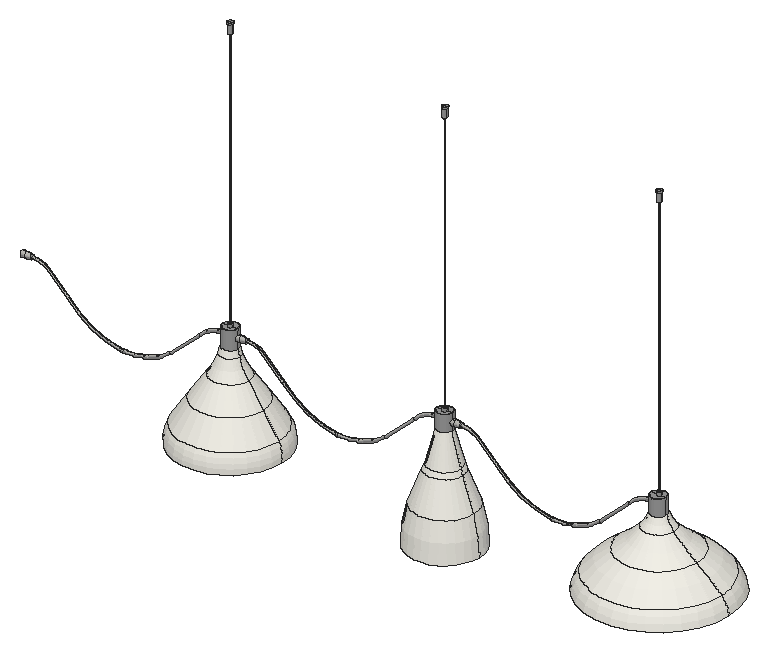
Revit family "Haworth_Swell_StringsThreeLights", category Lighting Fixtures, Revit 2018
Family settings
  Round Connector Dimension = Use Diameter
  Part Type = Normal
  OmniClass Number = 23.80.70.11.14
  OmniClass Title = General Luminaries, Directional
  Work Plane-Based = No
  Always vertical = Yes
  Cut with Voids When Loaded = No
  Light Source = Yes
  Shared = No
  Room Calculation Point = No
Parameters (values of type "LSP4-3610")
  Wattage = 11 W
  built-in parameter 1150110 = 1 (stored number, unit not read)
  built-in parameter 1114217 = 1 (stored number, unit not read)
  Top Finish = Haworth _ Metal _ Stainless Steel
  Tilt Angle = 60.00°
  built-in parameter 1150109 = 1 (stored number, unit not read)
  built-in parameter 1150134 = (empty or 0)
  built-in parameter 1150113 = 1 (stored number, unit not read)
  Size = "Verify Final Dim. w/Haworth"  # constant formula
  Photometric Web File = "generic"
  built-in parameter 1150142 = (empty or 0)
  built-in parameter 1150105 = 63.901 (stored number, unit not read)
  Lumens = 803 lm
  built-in parameter 1150115 = 1 (stored number, unit not read)
  built-in parameter 1150137 = (empty or 0)
  built-in parameter 1150139 = (empty or 0)
  built-in parameter 1150112 = 1 (stored number, unit not read)
  built-in parameter 1150114 = 1 (stored number, unit not read)
  built-in parameter 1150132 = (empty or 0)
  built-in parameter 1150102 = (empty or 0)
  built-in parameter 1150107 = 3000 (stored number, unit not read)
  built-in parameter 1150138 = (empty or 0)
  built-in parameter 1150106 = 0.63901 (stored number, unit not read)
  Emit from Circle Diameter = 24"
  Emit Shape Visible in Rendering = no
  built-in parameter 1150104 = 6.7819 (stored number, unit not read)
  Dimming Lamp Color Temperature Shift = <None>
  Cords Finish = Haworth _ Paint _ Metallic Silver
  Wattage Comments = ""
  Warranty = "https://www.haworth.com/resources/product-info/warranties"
  URL - Product = "https://www.haworth.com/products/lighting/pendant/swell"
  URL = "http://www.haworth.com/our-brands/haworth-collection"
  Revision Number = "1"  # constant formula
  Model = "LSP4-3610"
  Manufacturer = "Haworth"  # constant formula
  Lamp Finish [instance] = Haworth _ Paint _ Collection White
  Glass Finish = Haworth _ Glass _ Clear
  Description = "Haworth Swell String with Three Lights"
  Color Filter = 16777215
  built-in parameter 1114218 = 1 (stored number, unit not read)
  Author = "Haworth (Abd Rahman)"  # constant formula
  built-in parameter 1150133 = 10 (stored number, unit not read)
  Assembly Code = "D5020200"
  Actual Height = 120"  # constant formula
Reference planes (in)
  plane 1 "Center F/B": y = 8.82887
  plane 2 "Base": z = 0
  plane 3 "Cord Top": z = 120
  plane 4: x = -46.94755
  plane 5 "Cord": z = 119.9243
  plane 6: x = 34.01477
  plane 7: y = 16.84375
  plane 8: y = 1.0085
  plane 9: x = -6.46639
Forms (in)
  Revolve 1, solid, material "Haworth _ Metal _ Stainless Steel" <- "Top Finish"
    sketch origin (9.6828, 8.90164, 0.58881) x (-1, 0, 0) y (0, 0, 1)
      loop
        line (-16.34729, 119.41119) -> (-16.34729, 88.19585) -> (-16.11107, 88.19585) -> (-16.11107, 88.4616) -> (-16.30793, 88.4616) -> (-16.30793, 118.15135) -> (-16.26855, 118.15135) -> (-16.26855, 118.30883) -> (-16.11107, 118.30883) -> (-16.11107, 119.33264) -> (-16.03233, 119.33264) -> (-16.03233, 119.41119) -> (-16.34729, 119.41119)
      axis (-16.34729, 119.41119) -> (-16.34729, 88.19585)
    angle from 0 to 360
  Revolve 2, solid, material "Haworth _ Metal _ Stainless Steel" <- "Top Finish"
    sketch origin (-39.47735, 8.90164, 25.33874) x (-1, 0, 0) y (0, 0, 1)
      loop
        line (-16.34139, 63.4442) -> (-16.34139, 63.35018) -> (-15.54454, 63.35018) -> (-15.54454, 63.4442) -> (-16.34139, 63.4442)
      axis (-16.34139, 63.4442) -> (-16.34139, 63.35018)
    angle from 0 to 360
  Revolve 3, solid, material "Haworth _ Metal _ Stainless Steel" <- "Top Finish"
    sketch origin (-39.47735, 8.90164, 25.33874) x (-1, 0, 0) y (0, 0, 1)
      loop
        line (-15.46713, 63.4442) -> (-16.34139, 63.4442) -> (-16.34139, 61.42871) -> (-15.46713, 61.42871) -> (-15.46713, 63.4442)
      axis (-16.34139, 63.4442) -> (-16.34139, 61.42871)
    angle from 0 to 360
  Revolve 4, solid, material "Haworth _ Metal _ Stainless Steel" <- "Top Finish"
    sketch origin (9.68741, 8.77664, 25.60436) x (-1, 0, 0) y (0, 0, 1)
      loop
        line (-16.34139, 63.17182) -> (-16.34139, 63.07636) -> (-15.54454, 63.07636) -> (-15.54454, 63.17182) -> (-16.34139, 63.17182)
      axis (-16.34139, 63.17182) -> (-16.34139, 63.07636)
    angle from 0 to 360
  Revolve 5, solid, material "Haworth _ Metal _ Stainless Steel" <- "Top Finish"
    sketch origin (9.68741, 8.77664, 25.60436) x (-1, 0, 0) y (0, 0, 1)
      loop
        line (-15.46713, 63.17182) -> (-16.34139, 63.17182) -> (-16.34139, 61.41027) -> (-15.46713, 61.41027) -> (-15.46713, 63.17182)
      axis (-16.34139, 63.17182) -> (-16.34139, 61.41027)
    angle from 0 to 360
  Revolve 6, solid, material "Haworth _ Metal _ Stainless Steel" <- "Top Finish"
    sketch origin (-14.90221, 8.89172, 25.61219) x (-1, 0, 0) y (0, 0, 1)
      loop
        line (-16.34139, 63.17182) -> (-16.34139, 63.07636) -> (-15.54454, 63.07636) -> (-15.54454, 63.17182) -> (-16.34139, 63.17182)
      axis (-16.34139, 63.17182) -> (-16.34139, 63.07636)
    angle from 0 to 360
  Revolve 7, solid, material "Haworth _ Metal _ Stainless Steel" <- "Top Finish"
    sketch origin (-14.90221, 8.89172, 25.61219) x (-1, 0, 0) y (0, 0, 1)
      loop
        line (-15.46713, 63.17182) -> (-16.34139, 63.17182) -> (-16.34139, 61.41027) -> (-15.46713, 61.41027) -> (-15.46713, 63.17182)
      axis (-16.34139, 63.17182) -> (-16.34139, 61.41027)
    angle from 0 to 360
  Revolve 8, solid, material "Haworth _ Metal _ Stainless Steel" <- "Top Finish"
    sketch origin (-14.90047, 8.90164, 0.58881) x (-1, 0, 0) y (0, 0, 1)
      loop
        line (-16.34729, 119.41119) -> (-16.34729, 88.19585) -> (-16.11107, 88.19585) -> (-16.11107, 88.4616) -> (-16.30793, 88.4616) -> (-16.30793, 118.15135) -> (-16.26855, 118.15135) -> (-16.26855, 118.30883) -> (-16.11107, 118.30883) -> (-16.11107, 119.33264) -> (-16.03233, 119.33264) -> (-16.03233, 119.41119) -> (-16.34729, 119.41119)
      axis (-16.34729, 119.41119) -> (-16.34729, 88.19585)
    angle from 0 to 360
  Revolve 9, solid, material "Haworth _ Metal _ Stainless Steel" <- "Top Finish"
    sketch origin (-39.48374, 8.90164, 0.58881) x (-1, 0, 0) y (0, 0, 1)
      loop
        line (-16.34729, 119.41119) -> (-16.34729, 88.19585) -> (-16.11107, 88.19585) -> (-16.11107, 88.4616) -> (-16.30793, 88.4616) -> (-16.30793, 118.15135) -> (-16.26855, 118.15135) -> (-16.26855, 118.30883) -> (-16.11107, 118.30883) -> (-16.11107, 119.33264) -> (-16.03233, 119.33264) -> (-16.03233, 119.41119) -> (-16.34729, 119.41119)
      axis (-16.34729, 119.41119) -> (-16.34729, 88.19585)
    angle from 0 to 360
  Revolve 10, solid, material "Haworth _ Paint _ Metallic Silver" <- "Cords Finish"
    sketch origin (-14.8949, 8.90164, 0) x (-1, 0, 0) y (0, 0, 1)
      loop
        line (-18.25285, 87.91903) -> (-18.25285, 87.69241) -> (-17.66233, 87.6054) -> (-17.20835, 87.6054) -> (-17.20835, 87.91903) -> (-18.25285, 87.91903)
      axis (-18.25285, 87.91903) -> (-17.20835, 87.91903)
    angle from 0 to 360
  Revolve 11, solid, material "Haworth _ Paint _ Metallic Silver" <- "Cords Finish"
    sketch origin (-39.4771, 8.90164, 0) x (-1, 0, 0) y (0, 0, 1)
      loop
        line (-18.25285, 87.91903) -> (-18.25285, 87.69241) -> (-17.66233, 87.6054) -> (-17.21408, 87.6054) -> (-17.21408, 87.91903) -> (-18.25285, 87.91903)
      axis (-18.25285, 87.91903) -> (-17.21408, 87.91903)
    angle from 0 to 360
  Sweep 12, solid, material "Haworth _ Paint _ Metallic Silver" <- "Cords Finish"
    path origin (-64.05846, 8.90164, 0) x (-1, 0, 0) y (0, 0, 1)
      loop
        arc (-40.05552, 87.924) -> (-38.67626, 87.56409) -> (-37.5262, 86.72194) r 3.80541
        arc (-37.5262, 86.72194) -> (-35.90997, 85.12457) -> (-34.16856, 83.66469) r 27.76935
        arc (-34.16856, 83.66469) -> (-31.60978, 82.31942) -> (-28.74663, 81.92005) r 8.41041
        arc (-28.74663, 81.92005) -> (-28.63519, 81.92697) -> (-28.52432, 81.9401) r 2
        arc (-28.52432, 81.9401) -> (-25.20171, 83.01788) -> (-22.41974, 85.13021) r 10.45271
        arc (-22.41974, 85.13021) -> (-21.2475, 86.29366) -> (-19.99535, 87.37063) r 23.16497
        arc (-19.99535, 87.37063) -> (-19.84423, 87.48034) -> (-19.68353, 87.57548) r 2
        arc (-19.68353, 87.57548) -> (-18.98997, 87.83794) -> (-18.25285, 87.91903) r 2.94838
    profile origin (-25.3822, 8.90164, 87.56409) x (-0.42924, 0, 0.90319) y (0, 1, 0)
      loop
        circle (0, 0) r 0.125
  Revolve 13, solid, material "Haworth _ Paint _ Metallic Silver" <- "Cords Finish"
    sketch origin (-64.05846, 8.90164, 0) x (-1, 0, 0) y (0, 0, 1)
      loop
        line (-18.25285, 87.91903) -> (-18.25285, 87.69241) -> (-17.66233, 87.6054) -> (-17.11112, 87.6054) -> (-17.11112, 87.91903) -> (-18.25285, 87.91903)
      axis (-18.25285, 87.91903) -> (-17.11112, 87.91903)
    angle from 0 to 360
  Sweep 14, solid, material "Haworth _ Paint _ Metallic Silver" <- "Cords Finish"
    path origin (-39.47503, 8.90164, 0.00789) x (-1, 0, 0) y (0, 0, 1)
      loop
        arc (-40.04952, 87.92359) -> (-38.67355, 87.5628) -> (-37.5262, 86.72194) r 3.80541
        arc (-37.5262, 86.72194) -> (-35.90997, 85.12457) -> (-34.16856, 83.66469) r 27.76935
        arc (-34.16856, 83.66469) -> (-31.60978, 82.31942) -> (-28.74663, 81.92005) r 8.41041
        arc (-28.74663, 81.92005) -> (-28.63519, 81.92697) -> (-28.52432, 81.9401) r 2
        arc (-28.52432, 81.9401) -> (-25.20171, 83.01788) -> (-22.41974, 85.13021) r 10.45271
        arc (-22.41974, 85.13021) -> (-21.2475, 86.29366) -> (-19.99535, 87.37063) r 23.16497
        arc (-19.99535, 87.37063) -> (-19.84423, 87.48034) -> (-19.68353, 87.57548) r 2
        arc (-19.68353, 87.57548) -> (-18.98896, 87.83818) -> (-18.25079, 87.919) r 2.94838
    profile origin (-0.80148, 8.90164, 87.5707) x (-0.429954, 0, 0.902851) y (0, 1, 0)
      loop
        circle (0, 0) r 0.125
  Sweep 15, solid, material "Haworth _ Paint _ Metallic Silver" <- "Cords Finish"
    path origin (-14.89283, 8.90164, 0.00789) x (-1, 0, 0) y (0, 0, 1)
      loop
        arc (-40.059, 87.92423) -> (-38.67784, 87.56484) -> (-37.5262, 86.72194) r 3.80541
        arc (-37.5262, 86.72194) -> (-35.90997, 85.12457) -> (-34.16856, 83.66469) r 27.76935
        arc (-34.16856, 83.66469) -> (-31.60978, 82.31942) -> (-28.74663, 81.92005) r 8.41041
        arc (-28.74663, 81.92005) -> (-28.63519, 81.92697) -> (-28.52432, 81.9401) r 2
        arc (-28.52432, 81.9401) -> (-25.20171, 83.01788) -> (-22.41974, 85.13021) r 10.45271
        arc (-22.41974, 85.13021) -> (-21.2475, 86.29366) -> (-19.99535, 87.37063) r 23.16497
        arc (-19.99535, 87.37063) -> (-19.84423, 87.48034) -> (-19.68353, 87.57548) r 2
        arc (-19.68353, 87.57548) -> (-18.98896, 87.83818) -> (-18.25079, 87.919) r 2.94838
    profile origin (23.785, 8.90164, 87.57274) x (-0.428827, 0, 0.903387) y (0, 1, 0)
      loop
        circle (0, 0) r 0.125
Lines and regions (in)
  Masking region 1
    outline origin (49.19872, -1.39874, 90.88819) x (0, 1, 0) y (-1, 0, 0)
      loop
        line (10.17533, 43.85252) -> (10.17533, 31.1873)
        arc (10.17533, 31.1873) -> (10.27238, 15.18808) -> (10.42606, 31.18685) r 8
        line (10.42606, 31.18685) -> (10.42606, 43.8536)
        arc (10.42606, 43.8536) -> (14.21134, 47.79126) -> (10.42606, 51.72891) r 3.94072
        line (10.42606, 51.72891) -> (10.42606, 66.33168)
        arc (10.42606, 66.33168) -> (16.30112, 72.33038) -> (10.42606, 78.32908) r 6
        line (10.42606, 78.32908) -> (10.42606, 95.00433) -> (10.527, 95.00433) -> (10.61401, 95.59485) -> (10.61401, 96.14606) -> (9.98675, 96.14606) -> (9.98675, 95.59485) -> (10.07375, 95.00433) -> (10.17533, 95.00433) -> (10.17533, 78.32964)
        arc (10.17533, 78.32964) -> (4.26987, 72.33038) -> (10.17533, 66.33113) r 6
        line (10.17533, 66.33113) -> (10.17533, 51.72999)
        arc (10.17533, 51.72999) -> (6.35966, 47.79126) -> (10.17533, 43.85252) r 3.94072
      loop
        circle (10.30038, 23.12926) r 7.89324
      loop
        circle (10.30112, 72.33038) r 0.88539
      loop
        circle (10.30112, 72.33038) r 0.79434
      loop
        circle (10.19471, 23.16934) r 0.8822
      loop
        circle (10.19471, 23.16934) r 0.80999
      loop
        circle (10.30112, 72.33038) r 5.8827
      loop
        circle (10.30038, 47.79126) r 0.90357
      loop
        circle (10.30038, 47.79126) r 0.82291
      loop
        circle (10.30038, 47.79126) r 3.87605
  symbolic lines, style "Haworth"
    curve 1: arc (-29.13126, 9.02733, 90.88819) -> (-29.13693, 8.90164, 90.88819) -> (-29.13126, 8.77595, 90.88819) r 1.39408
    curve 3: arc (18.00973, 9.02989, 90.88819) -> (18.00298, 8.9042, 90.88819) -> (18.00973, 8.77852, 90.88819) r 1.17362
  symbolic lines, style "Haworth", not visible
    curve 2: arc (-2.41547, 9.02746, 90.88819) -> (-2.41869, 8.90246, 90.88819) -> (-2.41547, 8.77746, 90.88819) r 2.42583
  symbolic lines, style "Haworth", detail levels medium+fine
    curve 4: arc (-17.13296, 9.02733, 90.88819) -> (-17.12967, 8.90197, 90.88819) -> (-17.13241, 8.77659, 90.88819) r 2.6059
    curve 5: arc (-2.53019, 9.02733, 90.88819) -> (-2.53573, 8.90198, 90.88819) -> (-2.53127, 8.77659, 90.88819) r 1.57677
    curve 6: arc (5.34511, 9.02733, 90.88819) -> (5.34827, 8.90197, 90.88819) -> (5.3462, 8.77659, 90.88819) r 3.0102
Dimensions and locks (in)
  "Actual Height": plane 3 "Cord Top" to plane 2 "Base"
  aligned and locked: Revolve 5 sketch curve to Revolve 4
  aligned and locked: Revolve 7 sketch curve to Revolve 6
  aligned and locked: Revolve 3 to nested 1
  aligned and locked: nested 2 to Revolve 5
  aligned and locked: Revolve 1 sketch curve to Revolve 1 sketch curve
  aligned and locked: Revolve 8 sketch curve to Revolve 8 sketch curve
  aligned and locked: Revolve 9 sketch curve to Revolve 9 sketch curve
  aligned and locked: Revolve 10 sketch curve to Revolve 10 sketch curve  (x2)
  aligned and locked: Revolve 11 sketch curve to Revolve 11 sketch curve  (x2)
  aligned and locked: Revolve 13 sketch curve to Revolve 13 sketch curve  (x2)
Automatic sketch dimensions
  curve 6 to plane 1 "Center F/B" = 0.06011"
  curve 5 to plane 1 "Center F/B" = 0.06631"
  curve 4 to plane 1 "Center F/B" = 0.06732"
  curve 1 to plane 1 "Center F/B" = 0.07277"
  curve 2 to plane 1 "Center F/B" = 0.07359"
  curve 3 to plane 1 "Center F/B" = 0.07534"
  plane 6 to curve 3 = 14.83816"
  curve 3 to curve 6 = 16.83851"
  curve 6 to curve 2 = 2.33095"
  curve 2 to curve 5 = 0.96611"
  curve 4 to curve 1 = 8.00729"
  plane 1 "Center F/B" to curve 3 = 0.05035"
  plane 1 "Center F/B" to curve 2 = 0.05141"
  plane 1 "Center F/B" to curve 6 = 0.05228"
  plane 1 "Center F/B" to curve 5 = 0.05228"
  plane 1 "Center F/B" to curve 4 = 0.05228"
  plane 1 "Center F/B" to curve 1 = 0.05291"
  curve 5 to plane 1 "Center F/B" = 0.19846"
  curve 6 to plane 1 "Center F/B" = 0.19846"
  curve 4 to plane 1 "Center F/B" = 0.19846"
  curve 1 to plane 1 "Center F/B" = 0.19846"
  curve 5 to curve 2 = 0.00013"
  curve 3 to plane 1 "Center F/B" = 0.20103"
  curve 3 to curve 3 = 1.16687"
  curve 6 to curve 6 = 3.0081"
  curve 5 to curve 2 = 1.4565"
  curve 2 to curve 5 = 0.11472"
  curve 1 to curve 1 = 1.38841"
  Revolve 1 sketch curve to plane 3 "Cord Top" = 0"
  plane 6 to Revolve 1 sketch curve = 7.98468"
  Revolve 1 sketch curve to Revolve 1 sketch curve = 0.03936"
  Revolve 1 sketch curve to Revolve 1 sketch curve = 0.03937"
  Revolve 1 sketch curve to Revolve 1 sketch curve = 0.15748"  (x2)
  Revolve 1 sketch curve to Revolve 1 sketch curve = 0.19686"
  Revolve 1 sketch curve to plane 5 "Cord" = 0.00285"
  Revolve 1 sketch curve to Revolve 1 sketch curve = 0.07874"
  Revolve 1 sketch curve to plane 5 "Cord" = 1.02666"
  Revolve 1 sketch curve to Revolve 1 sketch curve = 29.68975"
  Revolve 1 sketch curve to Revolve 1 sketch curve = 0.26575"
  Revolve 1 sketch curve to Revolve 1 sketch curve = 0"
  Revolve 1 sketch curve to Revolve 1 sketch curve = 0.00236"
  Revolve 2 sketch curve to Revolve 2 sketch curve = 0.79685"
  Revolve 2 sketch curve to plane 5 "Cord" = 31.23538"
  Revolve 2 sketch curve to Revolve 2 sketch curve = 0.09402"
  Revolve 2 sketch curve to Revolve 2 sketch curve = 0"  (x2)
  Revolve 2 sketch curve to Revolve 2 sketch curve = 0.27382"
  Revolve 3 sketch curve to Revolve 3 sketch curve = 0.87427"
  Revolve 3 sketch curve to plane 5 "Cord" = 33.15685"
  Revolve 3 sketch curve to Revolve 3 sketch curve = 2.01549"
  Revolve 3 sketch curve to Revolve 3 sketch curve = 0"  (x2)
  Revolve 3 sketch curve to Revolve 3 sketch curve = 0.01845"
  plane 6 to Revolve 4 sketch curve = 7.98596"
  Revolve 4 sketch curve to Revolve 4 sketch curve = 0.79685"
  Revolve 4 sketch curve to plane 5 "Cord" = 31.24358"
  Revolve 4 sketch curve to Revolve 4 sketch curve = 0.09546"
  Revolve 4 sketch curve to Revolve 4 sketch curve = 0"  (x3)
  plane 6 to Revolve 5 sketch curve = 7.98596"
  Revolve 5 sketch curve to Revolve 5 sketch curve = 0.87427"
  Revolve 5 sketch curve to Revolve 5 sketch curve = 1.76155"
  Revolve 5 sketch curve to Revolve 5 sketch curve = 0"  (x3)
  Revolve 6 sketch curve to Revolve 6 sketch curve = 0.79685"
  Revolve 6 sketch curve to plane 5 "Cord" = 31.23575"
  Revolve 6 sketch curve to Revolve 6 sketch curve = 0.09546"
  Revolve 6 sketch curve to Revolve 6 sketch curve = 0"  (x3)
  Revolve 7 sketch curve to Revolve 7 sketch curve = 0.87427"
  Revolve 7 sketch curve to Revolve 7 sketch curve = 1.76155"
  Revolve 7 sketch curve to Revolve 7 sketch curve = 0"  (x3)
  Revolve 8 sketch curve to plane 3 "Cord Top" = 0"
  Revolve 8 sketch curve to Revolve 8 sketch curve = 0.03936"
  Revolve 8 sketch curve to Revolve 8 sketch curve = 0.03937"
  Revolve 8 sketch curve to Revolve 8 sketch curve = 0.15748"  (x2)
  Revolve 8 sketch curve to Revolve 8 sketch curve = 0.19686"
  Revolve 8 sketch curve to plane 5 "Cord" = 0.00285"
  Revolve 8 sketch curve to Revolve 8 sketch curve = 0.07874"
  Revolve 8 sketch curve to plane 5 "Cord" = 1.02666"
  Revolve 8 sketch curve to Revolve 8 sketch curve = 29.68975"
  Revolve 8 sketch curve to Revolve 8 sketch curve = 0.26575"
  Revolve 8 sketch curve to Revolve 8 sketch curve = 0"
  Revolve 8 sketch curve to plane 3 "Cord Top" = 0.00236"
  Revolve 9 sketch curve to plane 3 "Cord Top" = 0"
  Revolve 9 sketch curve to Revolve 9 sketch curve = 0.03936"
  Revolve 9 sketch curve to Revolve 9 sketch curve = 0.03937"
  Revolve 9 sketch curve to Revolve 9 sketch curve = 0.15748"  (x2)
  Revolve 9 sketch curve to Revolve 9 sketch curve = 0.19686"
  Revolve 9 sketch curve to plane 5 "Cord" = 0.00285"
  Revolve 9 sketch curve to Revolve 9 sketch curve = 0.07874"
  Revolve 9 sketch curve to plane 5 "Cord" = 1.02666"
  Revolve 9 sketch curve to Revolve 9 sketch curve = 29.68975"
  Revolve 9 sketch curve to Revolve 9 sketch curve = 0.26575"
  Revolve 9 sketch curve to Revolve 9 sketch curve = 0"
  Revolve 9 sketch curve to plane 3 "Cord Top" = 0.00236"
  Revolve 11 sketch curve to Revolve 11 sketch curve = 0.59052"
  Revolve 11 sketch curve to Revolve 11 sketch curve = 0.44825"
  Revolve 11 sketch curve to plane 5 "Cord" = 32.31889"
  Revolve 11 sketch curve to Revolve 11 sketch curve = 0.087"
  Revolve 11 sketch curve to Revolve 11 sketch curve = 0.31363"
  Revolve 11 sketch curve to Revolve 11 sketch curve = 0.10296"
  Sweep 12 sketch curve to profile plane = 0"
  profile plane to Sweep 12 sketch curve = 0"
  plane 4 to Revolve 13 sketch curve = 1.14194"
  plane 4 to Revolve 13 sketch curve = 0.55142"
  plane 4 to Revolve 13 sketch curve = 0.00021"
  Revolve 13 sketch curve to plane 5 "Cord" = 32.31889"
  Revolve 13 sketch curve to Revolve 13 sketch curve = 0.087"
  Revolve 13 sketch curve to Revolve 13 sketch curve = 0.31363"
  Revolve 13 sketch curve to Revolve 13 sketch curve = 0"
  Masking region 1 sketch curve to Masking region 1 sketch curve = 0"  (x30)
  plane 1 "Center F/B" to Masking region 1 sketch curve = 0.24086"
  plane 1 "Center F/B" to Masking region 1 sketch curve = 0.15385"
  plane 1 "Center F/B" to Masking region 1 sketch curve = 0.05228"  (x3)
  plane 1 "Center F/B" to Masking region 1 sketch curve = 0.03289"
  Masking region 1 sketch curve to plane 1 "Center F/B" = 0.04227"
  Masking region 1 sketch curve to plane 1 "Center F/B" = 0.04301"
  Masking region 1 sketch curve to plane 1 "Center F/B" = 0.05894"
  Masking region 1 sketch curve to Masking region 1 sketch curve = 0.02976"
  Masking region 1 sketch curve to Masking region 1 sketch curve = 0.01384"
  Masking region 1 sketch curve to Masking region 1 sketch curve = 1/32"
  Masking region 1 sketch curve to plane 1 "Center F/B" = 0.19846"  (x3)
  Masking region 1 sketch curve to Masking region 1 sketch curve = 0.10094"
  plane 4 to Masking region 1 sketch curve = 0.00021"
  Masking region 1 sketch curve to plane 1 "Center F/B" = 0.3864"
  Masking region 1 sketch curve to Masking region 1 sketch curve = 0.55121"  (x2)
  Masking region 1 sketch curve to Masking region 1 sketch curve = 0.59052"
  Masking region 1 sketch curve to Masking region 1 sketch curve = 0.00056"
  Masking region 1 sketch curve to Masking region 1 sketch curve = 5.9987"
  Masking region 1 sketch curve to Masking region 1 sketch curve = 0.00108"
  Masking region 1 sketch curve to Masking region 1 sketch curve = 3.93765"
  Masking region 1 sketch curve to Masking region 1 sketch curve = 12.66522"
  Masking region 1 sketch curve to Masking region 1 sketch curve = 0.00044"
  Masking region 1 sketch curve to Masking region 1 sketch curve = 0.01873"
  Masking region 1 sketch curve to Masking region 1 sketch curve = 0.05881"
  Sweep 14 sketch curve to profile plane = 0"
  profile plane to Sweep 14 sketch curve = 0"
  Sweep 15 sketch curve to profile plane = 0"
  profile plane to Sweep 15 sketch curve = 0"
  plane 4 to Sweep 12 sketch curve = 12.93196"
  Sweep 12 sketch curve to Sweep 12 sketch curve = 1.00927"
  Sweep 12 sketch curve to Sweep 12 sketch curve = 7/32"
  plane 4 to Sweep 12 sketch curve = 1.63516"
  Sweep 12 sketch curve to Sweep 12 sketch curve = 0.44453"
  plane 4 to Sweep 12 sketch curve = 0.10314"
  Sweep 12 sketch curve to plane 4 = 11.58532"
  Sweep 12 sketch curve to plane 5 "Cord" = 50.64349"
  Sweep 12 sketch curve to Sweep 12 sketch curve = 14.63808"
  Sweep 12 sketch curve to Sweep 12 sketch curve = 0.2082"
  Sweep 12 sketch curve to Sweep 12 sketch curve = 1.05217"
  Sweep 12 sketch curve to Sweep 12 sketch curve = 0.83775"
  Sweep 12 sketch curve to Sweep 12 sketch curve = 6.40668"
  Sweep 12 sketch curve to Sweep 12 sketch curve = 1.95636"
  Sweep 12 sketch curve to plane 5 "Cord" = 14.26685"
  Sweep 12 sketch curve to Sweep 12 sketch curve = 0.25418"
  Sweep 12 sketch curve to Sweep 12 sketch curve = 2.52933"
  Sweep 12 sketch curve to Sweep 12 sketch curve = 0"  (x7)
  plane 4 to Sweep 12 sketch curve = 1.14194"
  Sweep 14 sketch curve to Sweep 14 sketch curve = 1.00927"
  Sweep 14 sketch curve to Sweep 14 sketch curve = 0.44453"
  plane 4 to Sweep 14 sketch curve = 12.99811"
  Sweep 14 sketch curve to plane 5 "Cord" = 50.6356"
  Sweep 14 sketch curve to Sweep 14 sketch curve = 14.63808"
  Sweep 14 sketch curve to Sweep 14 sketch curve = 0.2082"
  Sweep 14 sketch curve to Sweep 14 sketch curve = 1.05217"
  Sweep 14 sketch curve to Sweep 14 sketch curve = 0.83775"
  Sweep 14 sketch curve to Sweep 14 sketch curve = 6.40668"
  Sweep 14 sketch curve to Sweep 14 sketch curve = 1.95636"
  Sweep 14 sketch curve to plane 5 "Cord" = 14.25895"
  Sweep 14 sketch curve to Sweep 14 sketch curve = 0.26018"
  Sweep 14 sketch curve to Sweep 14 sketch curve = 2.52333"
  Sweep 14 sketch curve to Sweep 14 sketch curve = 0"  (x7)
  Sweep 14 sketch curve to Sweep 14 sketch curve = 1.43274"
  Revolve 10 sketch curve to Revolve 10 sketch curve = 0.59052"
  Revolve 10 sketch curve to Revolve 10 sketch curve = 0.45398"
  Revolve 10 sketch curve to plane 5 "Cord" = 32.31889"
  Revolve 10 sketch curve to Revolve 10 sketch curve = 0.087"
  Revolve 10 sketch curve to Revolve 10 sketch curve = 0.31363"
  Revolve 10 sketch curve to Revolve 10 sketch curve = 0.09723"
  plane 6 to Sweep 15 sketch curve = 8.5979"
  Sweep 15 sketch curve to Sweep 15 sketch curve = 10.26683"
  Sweep 15 sketch curve to Sweep 15 sketch curve = 1.00927"
  Sweep 15 sketch curve to Sweep 15 sketch curve = 7/32"
  Sweep 15 sketch curve to Sweep 15 sketch curve = 10.0688"
  Sweep 15 sketch curve to Sweep 15 sketch curve = 0.44453"
  Sweep 15 sketch curve to Sweep 15 sketch curve = 12.82882"
  Sweep 15 sketch curve to plane 5 "Cord" = 50.6356"
  Sweep 15 sketch curve to Sweep 15 sketch curve = 14.63808"
  Sweep 15 sketch curve to Sweep 15 sketch curve = 0.2082"
  Sweep 15 sketch curve to Sweep 15 sketch curve = 1.05217"
  Sweep 15 sketch curve to Sweep 15 sketch curve = 0.83775"
  Sweep 15 sketch curve to Sweep 15 sketch curve = 6.40668"
  Sweep 15 sketch curve to Sweep 15 sketch curve = 1.95636"
  Sweep 15 sketch curve to plane 5 "Cord" = 14.25895"
  Sweep 15 sketch curve to Sweep 15 sketch curve = 0.2507"
  Sweep 15 sketch curve to Sweep 15 sketch curve = 2.5328"
  Sweep 15 sketch curve to Sweep 15 sketch curve = 0"  (x7)
  Sweep 15 sketch curve to Sweep 15 sketch curve = 1.43274"
  curve 5 to curve 4 = 17.20429"
  curve 4 to curve 4 = 2.60315"
  plane 4 to Revolve 2 sketch curve = 23.8116"
  plane 4 to Revolve 3 sketch curve = 23.8116"
  plane 6 to Revolve 6 sketch curve = 32.57559"
  plane 6 to Revolve 7 sketch curve = 32.57559"
  plane 6 to Revolve 8 sketch curve = 32.56794"
  plane 4 to Revolve 9 sketch curve = 23.81111"
  plane 6 to Revolve 10 sketch curve = 30.65681"
  plane 4 to Revolve 11 sketch curve = 25.72331"
  Sweep 12 sketch curve to Sweep 12 sketch curve = 11.49483"
  Masking region 1 sketch curve to Masking region 1 sketch curve = 16.6747"
  Masking region 1 sketch curve to Masking region 1 sketch curve = 14.60113"
  plane 4 to Sweep 14 sketch curve = 24.68657"
  Sweep 14 sketch curve to Sweep 14 sketch curve = 12.77595"
  Sweep 14 sketch curve to Sweep 14 sketch curve = 10.0688"
  Sweep 14 sketch curve to Sweep 14 sketch curve = 7/32"
  Sweep 14 sketch curve to Sweep 14 sketch curve = 11.49483"
  Sweep 15 sketch curve to Sweep 15 sketch curve = 12.77595"
  radius of Sweep 12 sketch curve = 1/8"
  radius of Masking region 1 sketch curve = 7.89324"
  radius of Masking region 1 sketch curve = 0.88539"
  radius of Masking region 1 sketch curve = 0.79434"
  radius of Masking region 1 sketch curve = 0.8822"
  radius of Masking region 1 sketch curve = 0.80999"
  radius of Masking region 1 sketch curve = 5.8827"
  radius of Masking region 1 sketch curve = 0.90357"
  radius of Masking region 1 sketch curve = 0.82291"
  radius of Masking region 1 sketch curve = 3.87605"
  radius of Sweep 14 sketch curve = 1/8"
  radius of Sweep 15 sketch curve = 1/8"
Nested families (in)
  nested 1: "Haworth_Swell_Lamp" at (-39.50431, 17.71563, 25.35718) x (-1, 0, 0) z (0, 0, 1), Lamp Finish <- "Lamp Finish", type "Medium"
    with Small no, Medium yes, Large no, Lamp Finish Haworth _ Paint _ Collection White
  nested 2: "Haworth_Swell_Lamp" at (9.68754, 17.67261, 25.60436) x (-1, 0, 0) z (0, 0, 1), Lamp Finish <- "Lamp Finish", type "Medium"
    with Small no, Medium no, Large yes, Lamp Finish Haworth _ Paint _ Collection White
  nested 3: "Haworth_Swell_Lamp" at (-14.89191, 17.71563, 25.60937) x (-1, 0, 0) z (0, 0, 1), Lamp Finish <- "Lamp Finish", type "Small"
    with Small yes, Medium no, Large no, Lamp Finish Haworth _ Paint _ Collection White
Connectors (in)
  electrical at (1.44682, 8.90164, 120)
    settings: on Revolve 8, index 1, voltage 0 V, apparent load 0 VA, apparent load phase1 0 VA, apparent load phase2 0 VA, apparent load phase3 0 VA, power factor 1, load classification "Other", number of poles 1, system type 31, power factor state 1, is connector primary yes, connector utility no, sub classification motor no, connector description ""
Definition of nested family "Haworth_Swell_Lamp"
  Parameters (values of type "Large")
    Wattage Comments = ""
    Wattage = 11 W
    built-in parameter 1150110 = 1 (stored number, unit not read)
    built-in parameter 1114217 = 1 (stored number, unit not read)
    Tilt Angle = 60.00°
    built-in parameter 1150109 = 1 (stored number, unit not read)
    built-in parameter 1150134 = (empty or 0)
    built-in parameter 1150113 = 1 (stored number, unit not read)
    Small [instance] = no
    Size = "Verify Final Dim. w/Haworth"  # constant formula
    Photometric Web File = "generic"
    built-in parameter 1150142 = (empty or 0)
    Medium [instance] = no
    built-in parameter 1150105 = 63.901 (stored number, unit not read)
    Lumens = 803 lm
    built-in parameter 1150115 = 1 (stored number, unit not read)
    built-in parameter 1150137 = (empty or 0)
    built-in parameter 1150139 = (empty or 0)
    Large [instance] = yes
    built-in parameter 1150112 = 1 (stored number, unit not read)
    built-in parameter 1150114 = 1 (stored number, unit not read)
    Interior Finish = none
    built-in parameter 1150132 = (empty or 0)
    built-in parameter 1150102 = (empty or 0)
    built-in parameter 1150107 = 3000 (stored number, unit not read)
    built-in parameter 1150138 = (empty or 0)
    built-in parameter 1150106 = 0.63901 (stored number, unit not read)
    Emit from Circle Diameter = 24"
    Emit Shape Visible in Rendering = no
    built-in parameter 1150104 = 6.7819 (stored number, unit not read)
    Dimming Lamp Color Temperature Shift = (empty or 0)
    Color Filter = 16777215
    Warranty = "http://www.haworth.com/product-info/warranties"
    URL - Product = "https://www.haworth.com/products/lighting/pendant/swell"
    URL = "http://www.haworth.com/our-brands/haworth-collection"
    Revision Number = "1"  # constant formula
    Model = "LSP2-1610"
    Manufacturer = "Haworth"  # constant formula
    Lamp Finish [instance] = none
    Glass Finish = none
    Description = "Haworth Swell\""
    built-in parameter 1114218 = 1 (stored number, unit not read)
    Author = "Haworth (Abd Rahman)"  # constant formula
    built-in parameter 1150133 = 10 (stored number, unit not read)
    Assembly Code = "D5020200"
    Actual Width = 24"  # constant formula
    Actual Height = 10"  # constant formula
    Actual Depth = 24"  # constant formula
  Types (3): name | Small | Medium | Large
    Large | no | no | yes
    Medium | no | yes | no
    Small | yes | no | no
  Reference planes (in)
    plane 1 "Center F/B": y = 8.82887
    plane 2 "Base": z = 0
    plane 3 "Center L/R": x = -16.34139
    plane 4: x = -24.34139
    plane 5: x = -8.34139
    plane 6: y = 16.82887
    plane 7: y = 0.82887
  Forms (in)
    Revolve 1, solid, material <- "Lamp Finish", visible <- "Large"
      sketch origin (0, 8.82887, 0) x (1, 0, 0) y (0, 0, 1)
        loop
          arc (-8.34139, 53.52668) -> (-8.64289, 54.4871) -> (-9.19615, 55.32805) r 3.63614
          arc (-9.19615, 55.32805) -> (-10.50598, 56.62104) -> (-11.9858, 57.71538) r 12.95588
          arc (-11.9858, 57.71538) -> (-13.3787, 58.74808) -> (-14.60823, 59.97073) r 12
          arc (-14.60823, 59.97073) -> (-15.10188, 60.65219) -> (-15.46713, 61.41027) r 4.73535
          line (-15.46713, 61.41027) -> (-15.57549, 61.41027)
          arc (-15.57549, 61.41027) -> (-15.19885, 60.61656) -> (-14.68486, 59.90408) r 4.83691
          arc (-14.68486, 59.90408) -> (-13.44492, 58.67108) -> (-12.04024, 57.62964) r 12.10156
          arc (-12.04024, 57.62964) -> (-10.57201, 56.54388) -> (-9.27245, 55.26102) r 12.85432
          arc (-9.27245, 55.26102) -> (-8.73464, 54.44356) -> (-8.44157, 53.50997) r 3.53458
          line (-8.44157, 53.50997) -> (-8.34139, 53.52668)
        axis (-16.34139, 61.41027) -> (-16.34139, 53.50997)
      angle from 0 to 360
    Revolve 2, solid, material <- "Lamp Finish", visible <- "Medium"
      sketch origin (0, 8.82887, 0) x (1, 0, 0) y (0, 0, 1)
        loop
          arc (-10.8012, 53.50997) -> (-11.61647, 54.84202) -> (-12.50384, 56.12717) r 28.35728
          arc (-12.50384, 56.12717) -> (-13.37857, 57.34071) -> (-14.23551, 58.56687) r 102.56906
          arc (-14.23551, 58.56687) -> (-14.82885, 59.5815) -> (-15.26711, 60.67212) r 8
          arc (-15.26711, 60.67212) -> (-15.37523, 61.039) -> (-15.46713, 61.41027) r 8.70317
          line (-15.46713, 61.41027) -> (-15.57118, 61.41027)
          arc (-15.57118, 61.41027) -> (-15.47623, 61.02343) -> (-15.36387, 60.64128) r 8.80473
          arc (-15.36387, 60.64128) -> (-14.92005, 59.53681) -> (-14.31918, 58.5093) r 8.10156
          arc (-14.31918, 58.5093) -> (-13.46139, 57.28192) -> (-12.5858, 56.06718) r 102.67062
          arc (-12.5858, 56.06718) -> (-11.7016, 54.78664) -> (-10.88925, 53.45936) r 28.25572
          arc (-10.88925, 53.45936) -> (-10.52055, 52.48882) -> (-10.47302, 51.4517) r 3.28614
          line (-10.47302, 51.4517) -> (-10.37083, 51.4517)
          arc (-10.37083, 51.4517) -> (-10.42227, 52.51507) -> (-10.8012, 53.50997) r 3.3877
        axis (-16.34139, 61.41027) -> (-16.34139, 51.4517)
      angle from 0 to 360
    Revolve 3, solid, material <- "Lamp Finish", visible <- "Small"
      sketch origin (0, 8.82887, 0) x (1, 0, 0) y (0, 0, 1)
        loop
          line (-15.49506, 61.41027) -> (-15.59792, 61.41027)
          arc (-15.59792, 61.41027) -> (-15.2102, 59.55642) -> (-14.64788, 57.74785) r 19.88718
          arc (-14.64788, 57.74785) -> (-14.52716, 57.43632) -> (-14.39369, 57.13003) r 8.10156
          arc (-14.39369, 57.13003) -> (-13.6727, 55.41442) -> (-13.06897, 53.65412) r 27.59713
          arc (-13.06897, 53.65412) -> (-12.60668, 51.57707) -> (-12.47129, 49.4535) r 13.71211
          line (-12.47129, 49.4535) -> (-12.36972, 49.4535)
          arc (-12.36972, 49.4535) -> (-12.50623, 51.59208) -> (-12.97185, 53.68381) r 13.81367
          arc (-12.97185, 53.68381) -> (-13.5778, 55.45059) -> (-14.30144, 57.17251) r 27.69869
          arc (-14.30144, 57.17251) -> (-14.43323, 57.47496) -> (-14.55245, 57.78259) r 8
          arc (-14.55245, 57.78259) -> (-15.10985, 59.57406) -> (-15.49506, 61.41027) r 19.78562
        axis (-16.34139, 49.4535) -> (-16.34139, 61.41027)
      angle from 0 to 360
    Revolve 4, solid, material <- "Glass Finish"
      sketch origin (0, 8.82887, 0) x (1, 0, 0) y (0, 0, 1)
        loop
          line (-15.59106, 61.41027) -> (-15.69708, 61.41027)
          arc (-15.69708, 61.41027) -> (-15.5311, 60.47676) -> (-15.58934, 59.5304) r 4.00299
          line (-15.58934, 59.5304) -> (-15.65302, 59.5304)
          arc (-15.65302, 59.5304) -> (-15.56408, 59.02761) -> (-15.32462, 58.57664) r 1.6378
          arc (-15.32462, 58.57664) -> (-15.3004, 58.48763) -> (-15.344, 58.40635) r 0.12465
          line (-15.344, 58.40635) -> (-15.26556, 58.40635)
          arc (-15.26556, 58.40635) -> (-15.17866, 58.51476) -> (-15.24344, 58.63767) r 0.12669
          arc (-15.24344, 58.63767) -> (-15.46805, 59.06067) -> (-15.55148, 59.53229) r 1.53624
          line (-15.55148, 59.53229) -> (-15.48581, 59.53229)
          arc (-15.48581, 59.53229) -> (-15.42941, 60.47739) -> (-15.59106, 61.41027) r 4.10456
        axis (-16.34139, 61.41027) -> (-16.34139, 58.40635)
      angle from 0 to 360
  Lines and regions (in)
    Masking region 1, visible <- "Large"
      outline origin (0, 0, 0) x (1, 0, 0) y (0, 1, 0)
        loop
          circle (-16.34139, 8.82887) r 8
        loop
          circle (-16.34139, 8.82887) r 7.89982
    Masking region 2, visible <- "Medium"
      outline origin (0, 0, 0) x (1, 0, 0) y (0, 1, 0)
        loop
          circle (-16.34139, 8.82887) r 5.97056
        loop
          circle (-16.34139, 8.82887) r 5.86837
    Masking region 3, visible <- "Small"
      outline origin (0, 0, 0) x (1, 0, 0) y (0, 1, 0)
        loop
          circle (-16.34139, 8.82887) r 3.97167
        loop
          circle (-16.34139, 8.82887) r 3.8701
    symbolic lines, detail levels medium+fine
      curve 1: circle (-16.34139, 8.82887, 0) r 1.1676 normal (0, 0, 1)
      curve 2: circle (-16.34139, 8.82887, 0) r 1.09796 normal (0, 0, 1)
  Dimensions and locks (in)
    plane 6 to plane 7 = 16"
    plane 5 to plane 4 = 16"
    Revolve 1 sketch curve to plane 5 = 8"
    aligned and locked: plane 5 to Revolve 1
    aligned and locked: plane 4 to Revolve 1
    aligned and locked: Revolve 3 to Revolve 4
